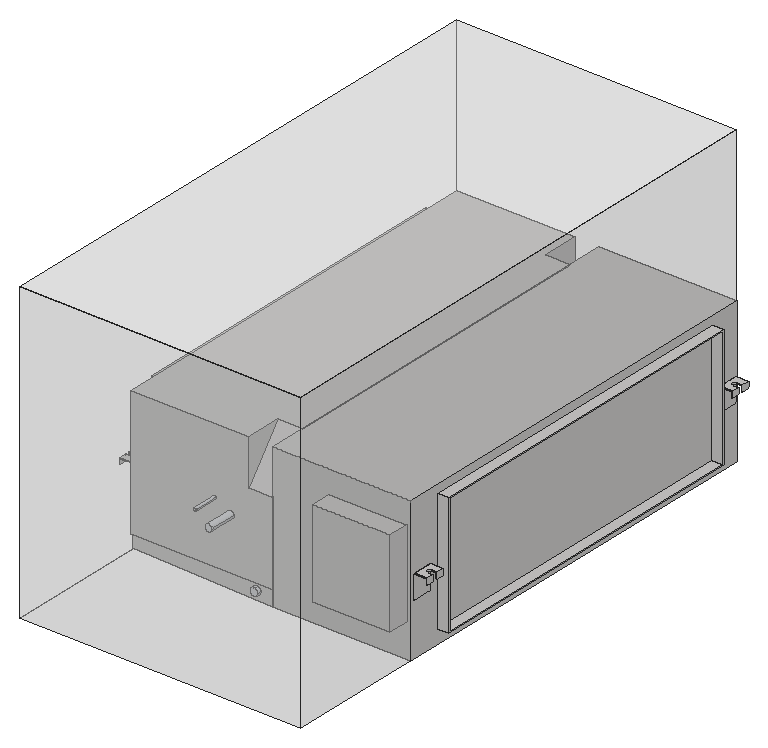
Revit family "outputfile", category 機械設備, Revit 2024
Family settings
  丸型コネクタ寸法 = 半径を使用
  パーツ タイプ = 標準
  OmniClass 番号 = 23.75.10.24.21.27.27
  OmniClass タイトル = Split System Air Conditioning Units
  作業面ベース = いいえ
  常に垂直 = はい
  ロード時にボイドで切り取り = いいえ
  注釈の向きを維持 = いいえ
  共有 = いいえ
  部屋計算ポイント = はい
Parameters (values of type "FXMQ250PV1A")
  Description = ""
  製造元 = "Daikin"
  書き出し IFC クラス(タイプ) = "IfcUnitaryEquipmentType"
  定義済み IFC タイプ(タイプ) = "AIRCONDITIONINGUNIT"
  Cost = 0
  モデル = "FXMQ250PV1A"
  Type Comments = ""
  Keynote = ""
  Type Image = (empty or 0)
  Assembly Code = ""
  lw_suctionflange = 1122.0 mm
  r_Liquid Pipe Size = Liquid Pipe Size / 2  # 4.75 mm
  r_Gas Pipe Size = Gas Pipe Size / 2  # 11.1 mm
  r_Drain Pipe Size = Drain Pipe Size / 2  # 12.5 mm
  lw_power = 230.0 mm  # constant formula
  lw_dischargeflange = 58.0 mm  # constant formula
  lh_power = 394.0 mm  # constant formula
  lh_mountinghole1 = lh_mountinghole + [h***]  # 254.0 mm
  lh_dischargeflange = 110.0 mm  # constant formula
  ld_power = 33.5 mm  # constant formula
  ld_dischargeflange = 70.0 mm  # constant formula
  Voltage_comment_50Hz = "220-240"
  Voltage_50Hz = 220 V
  URL = ""
  Supply Air Direction [instance] = yes
  Sound Power Level_H speed (dB) = 0
  Phase_50Hz = 1
  Minimum External Static Pressure = 0.00 Pa
  Minimum Circuit Amps_50Hz = 8.8 A
  Maximum Fuse Amps_50Hz = 15.0 A
  Maximum External Static Pressure = 250.00 Pa
  Material_Casing = DAIKIN_GalvanizedSteel_Casing_indoorunit
  lw_mountinghole = 972.0 mm  # constant formula
  lh_gaspipe = 221.5 mm  # constant formula
  lh_mountinghole = 254.0 mm  # constant formula
  lh_liquidpipe = 254.0 mm  # constant formula
  lh_drainpipe = 30.0 mm  # constant formula
  lh_antena = Height - lh_mountinghole + 1.0 mm  # 217.0 mm
  ld_drainpipe = 10.0 mm  # constant formula
  ld_liquidpipe = 79.0 mm  # constant formula
  ld_gaspipe = 89.0 mm  # constant formula
  ld_mountinghole = 1248.0 mm
  h*** = 0.0 mm  # constant formula
  lw_liquidpipe = 275.0 mm  # constant formula
  lw_gaspipe = 327.5 mm  # constant formula
  lw_drainpipe = 413.5 mm  # constant formula
  Width = 918.5 mm
  Version = "ver.1.0"
  Unit Type = "High Static Pressure Duct Type"
  Unit Mass Weight = 79.00 kg
  Unit Designation [instance] = ""
  Uniclass2015Version = "Products v1.30"
  Uniclass2015Title = "Variable refrigerant flow units"
  Uniclass2015Code = "Pr_70_65_03_94"
  Total Heating Capacity [instance] = 0.000 kW
  Total Cooling Capacity [instance] = 0.000 kW
  Sound Pressure Level_M speed (dBA) = 0
  Sound Pressure Level_L speed (dBA) = 39
  Sound Pressure Level_H speed (dBA) = 46
  Series = "VRV Fan Coil Unit"
  Sensible Cooling Capacity [instance] = 0.000 kW
  SA Duct Size Width = 1118.0 mm
  SA Duct Size Height = 350.0 mm
  Refrigerant Type = "R410A"
  RA Duct Size Width = 1118.0 mm
  RA Duct Size Height = 392.5 mm
  Power Input (Heating) = 0.810 kW
  Power Input (Cooling) = 0.810 kW
  Option Accessory 3 [instance] = ""
  Option Accessory 2 [instance] = ""
  Option Accessory 1 [instance] = ""
  Nominal Heating Capacity = 31.500 kW
  Nominal Cooling Capacity = 28.000 kW
  Minimum Airflow = 0.00 m³/h
  Median Airflow = 0.00 m³/h
  Maximum Airflow = 5040.00 m³/h
  Load Classification = HVAC
  Liquid Pipe Size = 9.5 mm
  Link_Nested Family [instance] = ""
  IfcVersion = "0"
  IfcExportType = "AIRCONDITIONINGUNIT"
  IfcExportAs = "IfcUnitaryEquipmentType"
  Height = 470.0 mm
  Heating Entering Wet Bulb Temperature [instance] = 0.00 °C
  Heating Entering Dry Bulb Temperature [instance] = 0.00 °C
  Heating Ambient Wet Bulb Temperature [instance] = 0.00 °C
  Heating Ambient Dry Bulb Temperature [instance] = 0.00 °C
  Heat Exchanger Type = "Cross Fin Coil"
  Gas Pipe Size = 22.2 mm
  Frequency_50Hz = 50 Hz
  Fan Type = "Sirocco Fan"
  Fan Drive = "Direct Drive"
  FCU Tag No. [instance] = ""
  Drain Pipe Size = 25.0 mm
  Design Supply Airflow [instance] = 0.00 m³/h
  Design Return Airflow [instance] = 0.00 m³/h
  Design External Static Pressure [instance] = 0.00 Pa
  Depth = 1333.0 mm
  既定の高さ = 0.0 mm
  Cooling Entering Wet Bulb Temperature [instance] = 0.00 °C
  Cooling Entering Dry Bulb Temperature [instance] = 0.00 °C
  Cooling Ambient Wet Bulb Temperature [instance] = 0.00 °C
  Cooling Ambient Dry Bulb Temperature [instance] = 0.00 °C
  Clearance visibility [instance] = yes
  Clearance Top = 500.0 mm
  Clearance Right = 0.0 mm
  Clearance Rear = 0.0 mm
  Clearance Left = 0.0 mm
  Clearance Front = 450.0 mm
  Clearance Bottom = 0.0 mm
Reference planes
  plane 1 "Center (Front/Back)": y = 0
  plane 2 "h": z = 0
  plane 3 "Center (Left/Right)": x = 0
  plane 4 "Back": y = 666.5
  plane 5 "Front": y = -666.5
  plane 6 "Left": x = -459.25
  plane 7 "Reight": x = 459.25
  plane 8 "Top": z = 0
  plane 9 "Bottom": z = -470
  plane 10 "lh_mountinghole": z = -216
  plane 11 "ld_mountinghole1": y = 624
  plane 12: y = 666.5
  plane 13: y = -1116.5
  plane 14: x = -459.25
  plane 15: x = 459.25
  plane 16: z = 500
  plane 17: z = -470
  plane 18: z = -76
  plane 19: x = 7.75
  plane 20: z = -420
  plane 21 "ld_gaspipe": y = -755.5
  plane 22 "ld_liquidpipe": y = -745.5
  plane 23 "lw_liquidpipe": x = -184.25
  plane 24 "lw_gaspipe": x = -131.75
  plane 25 "lh_gaspipe": z = -248.5
  plane 26 "lh_liquidpipe": z = -216
  plane 27 "ld_drainpipe": y = -676.5
  plane 28 "lw_drainpipe": x = -45.75
  plane 29 "lh_drainpipe": z = -440
  plane 30 "ld_mountinghole2": y = -624
  plane 31: x = -486
  plane 32: x = 486
  plane 33: x = 256
  plane 34: y = -700
  plane 35 "lh_power": z = -76
  plane 36 "ld_suctionflange": y = 29.5
  plane 37 "lh_suctionflange": z = -208
  plane 38: y = -733.5
  plane 39: z = -222.75
  plane 40: x = -72.25
Forms (mm)
  Extrusion 1, solid, material "DAIKIN_GalvanizedSteel_Casing_indoorunit" <- "Material_Casing"
    sketch origin (0, 0, 0) x (1, 0, 0) y (0, 1, 0)
      loop
        line (7.75, 666.5) -> (7.75, -666.5) -> (459.25, -666.5) -> (459.25, 666.5) -> (7.75, 666.5)
    from -470 to 0
  Extrusion 2, solid, material "DAIKIN_GalvanizedSteel_Casing_indoorunit" <- "Material_Casing"
    sketch origin (0, 0, 0) x (1, 0, 0) y (0, 1, 0)
      loop
        line (-459.25, 666.5) -> (-459.25, -666.5) -> (7.75, -666.5) -> (7.75, 666.5) -> (-459.25, 666.5)
    from -420 to 0
  Extrusion 3, solid, material "DAIKIN_GalvanizedSteel_Casing_indoorunit" <- "Material_Casing"
    sketch origin (0, 0, 0) x (1, 0, 0) y (0, 0, 1)
      loop
        line (7.75, -470) -> (7.75, -420) -> (-451.25, -420) -> (-451.25, -457) -> (7.75, -470)
    from -666.5 to 666.5
  Extrusion 4, solid
    sketch origin (0, 0, 0) x (1, 0, 0) y (0, 0, 1)
      loop
        circle (-45.75, -440) r 12.5
    from 666.5 to 676.5
  Extrusion 5, solid, material "DAIKIN_GalvanizedSteel_Casing_indoorunit" <- "Material_Casing"
    sketch origin (0, 0, 0) x (1, 0, 0) y (0, 0, 1)
      loop
        line (190.25, -76) -> (190.25, -361) -> (444.25, -361) -> (444.25, -76) -> (190.25, -76)
    from 733.5 to 666.5
  Extrusion 6, solid
    sketch origin (0, 0, 0) x (1, 0, 0) y (0, 0, 1)
      loop
        circle (-184.25, -216) r 4.75
    from 666.5 to 745.5
  Extrusion 7, solid
    sketch origin (0, 0, 0) x (1, 0, 0) y (0, 0, 1)
      loop
        circle (-131.75, -248.5) r 11.1
    from 666.5 to 755.5
  Extrusion 8, void
    sketch origin (0, 0, 0) x (0, 1, 0) y (0, 0, 1)
      loop
        line (-666.5, 0) -> (-666.5, -150) -> (-546.5, 0) -> (-666.5, 0)
      loop
        line (666.5, 0) -> (546.5, 0) -> (666.5, -150) -> (666.5, 0)
    from -72.25 to 7.75
Cuts and joins
  Extrusion 8 cuts Extrusion 1
  Extrusion 8 cuts Extrusion 2
  Extrusion 8 cuts Extrusion 5
Dimensions and locks
  "Height": plane 8 "Top" to plane 9 "Bottom"
  equal spacing: plane 4 "Back", plane 1 "Center (Front/Back)", plane 5 "Front"
  "Depth": plane 4 "Back" to plane 5 "Front"
  equal spacing: plane 6 "Left", plane 3 "Center (Left/Right)", plane 7 "Reight"
  "Width": plane 6 "Left" to plane 7 "Reight"
  "Clearance Left": plane 14 to plane 6 "Left"
  "Clearance Right": plane 7 "Reight" to plane 15
  "Clearance Rear": plane 12 to plane 4 "Back"
  "Clearance Front": plane 5 "Front" to plane 13
  "Clearance Top": plane 16 to plane 8 "Top"
  "Clearance Bottom": plane 9 "Bottom" to plane 17
  "lh_mountinghole": plane 10 "lh_mountinghole" to plane 9 "Bottom"
  "lh_power": plane 18 to plane 9 "Bottom"
  locked: plane 19 to plane 7 "Reight" at 451.5
  locked: plane 8 "Top" to plane 20 at 420
  locked: Extrusion 3 sketch curve to plane 6 "Left" at 8
  locked: plane 20 to Extrusion 3 sketch curve at 37
  "lh_drainpipe": Extrusion 4 sketch curve to plane 9 "Bottom"
  "lw_drainpipe": Extrusion 4 sketch curve to plane 6 "Left"
  "lw_liquidpipe": Extrusion 6 sketch curve to plane 6 "Left"
  "lw_gaspipe": Extrusion 7 sketch curve to plane 6 "Left"
  locked: Extrusion 5 sketch curve to Extrusion 5 sketch curve at 254
  locked: Extrusion 5 sketch curve to Extrusion 5 sketch curve at 285
  locked: Extrusion 5 sketch curve to plane 7 "Reight" at 15
  locked: Extrusion 5 sketch curve to plane 9 "Bottom" at 109
  "ld_gaspipe": plane 5 "Front" to plane 21 "ld_gaspipe"
  "ld_liquidpipe": plane 5 "Front" to plane 22 "ld_liquidpipe"
  "lw_liquidpipe": plane 6 "Left" to plane 23 "lw_liquidpipe"
  "lw_gaspipe": plane 6 "Left" to plane 24 "lw_gaspipe"
  "lh_gaspipe": plane 25 "lh_gaspipe" to plane 9 "Bottom"
  "lh_liquidpipe": plane 26 "lh_liquidpipe" to plane 9 "Bottom"
  "lh_gaspipe": Extrusion 7 sketch curve to plane 9 "Bottom"
  "lh_liquidpipe": Extrusion 6 sketch curve to plane 9 "Bottom"
  "ld_drainpipe": plane 5 "Front" to plane 27 "ld_drainpipe"
  "lw_drainpipe": plane 6 "Left" to plane 28 "lw_drainpipe"
  "lh_drainpipe": plane 29 "lh_drainpipe" to plane 9 "Bottom"
  equal spacing: plane 30 "ld_mountinghole2", plane 1 "Center (Front/Back)", plane 11 "ld_mountinghole1"
  "ld_mountinghole": plane 30 "ld_mountinghole2" to plane 11 "ld_mountinghole1"
  equal spacing: plane 31, plane 3 "Center (Left/Right)", plane 32
  "lw_mountinghole": plane 31 to plane 32
  "lw_power": plane 33 to plane 32
  "ld_power": plane 5 "Front" to plane 34
  "lh_power": plane 35 "lh_power" to plane 9 "Bottom"
  locked: plane 36 "ld_suctionflange" to plane 1 "Center (Front/Back)" at 29.5
  locked: plane 37 "lh_suctionflange" to plane 9 "Bottom" at 262
  locked: plane 5 "Front" to plane 38 at 67
  locked: plane 39 to plane 9 "Bottom" at 247.25
  locked: Extrusion 8 sketch curve to Extrusion 8 sketch curve at 120  (x2)
  locked: Extrusion 8 sketch curve to Extrusion 8 sketch curve at 150  (x2)
  locked: plane 40 to plane 19 at 80
  "r_Gas Pipe Size": radius of Extrusion 7 sketch curve
  "r_Liquid Pipe Size": radius of Extrusion 6 sketch curve
  "r_Drain Pipe Size": radius of Extrusion 4 sketch curve
  aligned and locked: level to plane 2 "h"
  aligned and locked: plane 8 "Top" to Extrusion 1
  aligned and locked: Extrusion 1 to plane 9 "Bottom"
  aligned and locked: nested 1 to plane 7 "Reight"
  aligned and locked: plane 7 "Reight" to nested 1
  aligned and locked: plane 11 "ld_mountinghole1" to nested 2
  aligned and locked: plane 7 "Reight" to nested 2
  aligned and locked: nested 4 to plane 13
  aligned and locked: plane 14 to nested 4
  aligned and locked: plane 15 to nested 4
  aligned and locked: nested 4 to plane 14
  aligned and locked: plane 12 to nested 4
  aligned and locked: plane 16 to nested 4
  aligned and locked: plane 17 to nested 4
  aligned and locked: plane 10 "lh_mountinghole" to nested 1
  aligned and locked: plane 10 "lh_mountinghole" to nested 2
  aligned and locked: Extrusion 1 to plane 19
  aligned and locked: Extrusion 2 sketch curve to plane 4 "Back"
  aligned and locked: Extrusion 2 sketch curve to plane 19
  aligned and locked: plane 6 "Left" to Extrusion 2 sketch curve
  aligned and locked: plane 5 "Front" to Extrusion 2 sketch curve
  aligned and locked: plane 8 "Top" to Extrusion 2
  aligned and locked: Extrusion 2 to plane 20
  aligned and locked: Extrusion 3 sketch curve to plane 20
  aligned and locked: plane 19 to Extrusion 3 sketch curve
  aligned and locked: plane 5 "Front" to Extrusion 3
  aligned and locked: Extrusion 3 to plane 4 "Back"
  aligned and locked: plane 9 "Bottom" to Extrusion 3 sketch curve
  aligned and locked: Extrusion 4 to plane 5 "Front"
  aligned and locked: plane 5 "Front" to Extrusion 6
  aligned and locked: plane 5 "Front" to Extrusion 7
  aligned and locked: Extrusion 7 to plane 21 "ld_gaspipe"
  aligned and locked: Extrusion 6 to plane 22 "ld_liquidpipe"
  aligned and locked: Extrusion 4 to plane 27 "ld_drainpipe"
  aligned and locked: nested 1 to plane 30 "ld_mountinghole2"
  aligned and locked: plane 11 "ld_mountinghole1" to nested 10
  aligned and locked: plane 31 to nested 10
  aligned and locked: nested 6 to plane 30 "ld_mountinghole2"
  aligned and locked: plane 31 to nested 6
  aligned and locked: nested 5 to plane 32
  aligned and locked: nested 5 to plane 30 "ld_mountinghole2"
  aligned and locked: plane 11 "ld_mountinghole1" to nested 11
  aligned and locked: nested 11 to plane 32
  aligned and locked: plane 26 "lh_liquidpipe" to nested 8
  aligned and locked: plane 29 "lh_drainpipe" to nested 9
  aligned and locked: plane 5 "Front" to nested 9
  aligned and locked: plane 25 "lh_gaspipe" to nested 7
  aligned and locked: nested 7 to plane 5 "Front"
  aligned and locked: plane 30 "ld_mountinghole2" to nested 13
  aligned and locked: nested 13 to plane 6 "Left"
  aligned and locked: plane 26 "lh_liquidpipe" to nested 13
  aligned and locked: plane 6 "Left" to nested 14
  aligned and locked: nested 14 to plane 11 "ld_mountinghole1"
  aligned and locked: nested 15 to plane 36 "ld_suctionflange"
  aligned and locked: nested 15 to plane 6 "Left"
  aligned and locked: plane 37 "lh_suctionflange" to nested 15
  aligned and locked: plane 26 "lh_liquidpipe" to nested 14
  aligned and locked: nested 16 to plane 7 "Reight"
  aligned and locked: nested 16 to plane 1 "Center (Front/Back)"
  aligned and locked: Extrusion 5 to plane 38
  aligned and locked: plane 5 "Front" to Extrusion 5
  aligned and locked: plane 33 to nested 12
  aligned and locked: plane 34 to nested 12
  aligned and locked: nested 12 to plane 35 "lh_power"
  aligned and locked: nested 8 to plane 5 "Front"
  aligned and locked: nested 16 to plane 39
  aligned and locked: nested 3 to plane 3 "Center (Left/Right)"
  aligned and locked: plane 1 "Center (Front/Back)" to nested 3
  aligned and locked: Extrusion 8 sketch curve to plane 5 "Front"
  aligned and locked: Extrusion 8 sketch curve to plane 8 "Top"
  aligned and locked: plane 8 "Top" to Extrusion 8 sketch curve
  aligned and locked: Extrusion 8 sketch curve to plane 4 "Back"
  aligned and locked: cut or joined group of Extrusion 2, Extrusion 8 to plane 40
  aligned and locked: plane 19 to cut or joined group of Extrusion 1, Extrusion 8
  aligned and locked: plane 40 to cut or joined group of Extrusion 2, Extrusion 8
  aligned and locked: cut or joined group of Extrusion 2, Extrusion 8 to plane 19
  aligned and locked: level to plane 8 "Top"
Automatic sketch dimensions
  Extrusion 1 sketch curve to plane 5 "Front" = 0.0 mm
  Extrusion 1 sketch curve to plane 19 = 0.0 mm
  Extrusion 1 sketch curve to plane 7 "Reight" = 0.0 mm
  Extrusion 1 sketch curve to plane 4 "Back" = 0.0 mm
Nested families
  nested 1: "daikin_hangerfixture_FXMQ-PV1A" at (459.25, -624, -216), type "daikin_hangerfixture_FXMQ-PV1A"
  nested 2: "daikin_hangerfixture_FXMQ-PV1A" at (459.25, 624, -216), type "daikin_hangerfixture_FXMQ-PV1A"
  nested 3: "daikin_△_symbolicline" at (0, 0, 470) x (0, -1, 0) z (0, 0, 1), built-in parameter 1001364 <- "Height", visible <- "Supply Air Direction", type "daikin_△_symbolicline"
    with length 300.0 mm
  nested 4: "daikin_clearancespace" at (0, -225, 15.119), visible <- "Clearance visibility", show <- "Clearance visibility", Link_Nested Family <- "Link_Nested Family", type "daikin_clearancespace"
    with width 918.5 mm, show yes, height 970.0 mm, depth 1783.0 mm, Link_Nested Family ""
  nested 5: "daikin_mountinghole" at (486, -624, -470), l_antenna <- "lh_antena", Link_Nested Family <- "Link_Nested Family", h_mountinghole <- "lh_mountinghole1", type "daikin_mountinghole"
    with show yes, l_antenna 217.0 mm, h_mountinghole 254.0 mm, Link_Nested Family ""
  nested 6: "daikin_mountinghole" at (-486, -624, -470), l_antenna <- "lh_antena", Link_Nested Family <- "Link_Nested Family", h_mountinghole <- "lh_mountinghole1", type "daikin_mountinghole"
    with show yes, l_antenna 217.0 mm, h_mountinghole 254.0 mm, Link_Nested Family ""
  nested 7: "daikin_connector_rotate2" at (-131.75, -666.5, -248.5), length <- "ld_gaspipe", radius <- "r_Gas Pipe Size", type "daikin_connector_rotate2"
    with radius 11.1 mm, length 89.0 mm, angle_vertical 90.00°, show_face no
  nested 8: "daikin_connector_rotate2" at (-184.25, -666.5, -216), radius <- "r_Liquid Pipe Size", length <- "ld_liquidpipe", type "daikin_connector_rotate2"
    with radius 4.75 mm, length 79.0 mm, angle_vertical 90.00°, show_face no
  nested 9: "daikin_connector_rotate2" at (-45.75, -666.5, -440), length <- "ld_drainpipe", radius <- "r_Drain Pipe Size", type "daikin_connector_rotate2"
    with radius 12.5 mm, length 10.0 mm, angle_vertical 90.00°, show_face no
  nested 10: "daikin_mountinghole" at (-486, 624, -470), h_mountinghole <- "lh_mountinghole1", l_antenna <- "lh_antena", Link_Nested Family <- "Link_Nested Family", type "daikin_mountinghole"
    with show yes, l_antenna 217.0 mm, h_mountinghole 254.0 mm, Link_Nested Family ""
  nested 11: "daikin_mountinghole" at (486, 624, -470), l_antenna <- "lh_antena", Link_Nested Family <- "Link_Nested Family", h_mountinghole <- "lh_mountinghole1", type "daikin_mountinghole"
    with show yes, l_antenna 217.0 mm, h_mountinghole 254.0 mm, Link_Nested Family ""
  nested 12: "daikin_connector_rotate2" at (256, -700, -76) x (1, 0, 0) z (0, -1, 0), type "daikin_connector_rotate2"
    with radius 10.0 mm, length 285.0 mm, angle_vertical 90.00°, show_face no
  nested 13: "daikin_hangerfixture_FXMQ-PV1A2" at (-459.25, -624, -216) x (-1, 0, 0) z (0, 0, 1), type "daikin_hangerfixture_FXMQ-PV1A2"
  nested 14: "daikin_hangerfixture_FXMQ-PV1A2" at (-459.25, 624, -216) x (-1, 0, 0) z (0, 0, 1), type "daikin_hangerfixture_FXMQ-PV1A2"
  nested 15: "daikin_ductflange_FXMQ-PV1A" at (-459.25, 29.5, -385) x (0, -1, 0) z (0, 0, 1), width <- "lw_suctionflange", material <- "Material_Casing", type "daikin_ductflange_FXMQ-PV1A"
    with width 1122.0 mm, material DAIKIN_GalvanizedSteel_Casing_indoorunit, height 354.0 mm, depth 39.25 mm
  nested 16: "daikin_ductflange_FXMQ-PV1A" at (459.25, 0, -421) x (0, -1, 0) z (0, 0, 1), width <- "lw_suctionflange", material <- "Material_Casing", type "daikin_ductflange_FXMQ-PV1A"
    with width 1122.0 mm, material DAIKIN_GalvanizedSteel_Casing_indoorunit, height 396.5 mm, depth 39.25 mm
Connectors
  piping at (-131.75, -755.5, -248.5), diameter 22.2, driven by "r_Gas Pipe Size"
    settings: on nested 7, index 1, connector inside diameter 609.6 mm, connector length 0.0 mm, flow factor 0, pipe flow 0.00 m³/h, pressure drop 0.0 Pa, fitting loss kfactor 0, connector angle 0.00°, fixture units 0, engagement length 0.0 mm, angle of deflection 0.00°, flow configuration 1, flow direction 2, fitting loss method 0, system type 29, joint type 0, gender type 0, connector reference index -1, connector utility 0, adjustable connector no, is connector primary yes, connector description "Refrigerant Gas Piping"
  piping at (-184.25, -745.5, -216), diameter 9.5, driven by "r_Liquid Pipe Size"
    settings: on nested 8, index 2, connector inside diameter 609.6 mm, connector length 0.0 mm, flow factor 0, pipe flow 0.00 m³/h, pressure drop 0.0 Pa, fitting loss kfactor 0, connector angle 0.00°, fixture units 0, engagement length 0.0 mm, angle of deflection 0.00°, flow configuration 1, flow direction 1, fitting loss method 0, system type 29, joint type 0, gender type 0, connector reference index -1, connector utility 0, adjustable connector no, is connector primary no, connector description "Refrigerant Liquid Piping"
  piping at (-45.75, -676.5, -440), diameter 25, driven by "r_Drain Pipe Size"
    settings: on nested 9, index 3, connector inside diameter 609.6 mm, connector length 0.0 mm, flow factor 0, pipe flow 0.00 m³/h, pressure drop 0.0 Pa, fitting loss kfactor 0, connector angle 0.00°, fixture units 0, engagement length 0.0 mm, angle of deflection 0.00°, flow configuration 1, flow direction 2, fitting loss method 4, system type 16, joint type 0, gender type 0, connector reference index -1, connector utility 0, adjustable connector no, is connector primary no, connector description "Condensate Drain Piping"
  electrical at (256, -700, -361), driven by "Load Classification"
    settings: on nested 12, index 4, voltage 0 V, apparent load 0 VA, apparent load phase1 0 VA, apparent load phase2 0 VA, apparent load phase3 0 VA, power factor 1, load classification "HVAC", number of poles 1, system type 30, power factor state 1, is connector primary yes, connector utility no, sub classification motor no, connector description "Power Supply"
  hvac at (-498.5, 29.5, -208), driven by "SA Duct Size Height", driven by "SA Duct Size Width"
    settings: on nested 15, index 5, duct flow 0.00 m³/h, flow factor 0, pres drop 0.00 Pa, loss coef 0, conn angle 0.00°, conn width 1118.0 mm, conn height 350.0 mm, conn diameter 609.6 mm, duct sys type 1, conn prof type 1, flow config 0, flow direction 2, loss method 4, conn ref index -1, conn util no, is conn primary yes, conn desc "SA Duct"
  hvac at (498.5, 0, -222.75), driven by "RA Duct Size Height", driven by "RA Duct Size Width"
    settings: on nested 16, index 6, duct flow 0.00 m³/h, flow factor 0, pres drop 0.00 Pa, loss coef 0, conn angle 0.00°, conn width 1118.0 mm, conn height 392.5 mm, conn diameter 609.6 mm, duct sys type 2, conn prof type 1, flow config 0, flow direction 1, loss method 4, conn ref index -1, conn util no, is conn primary no, conn desc "RA Duct"
Definition of nested family "daikin_hangerfixture_FXMQ-PV1A"
  Parameters (values of type "daikin_hangerfixture_FXDSQ-AVM")
    width = 44.0 mm
    material = none
    height = 80.0 mm
    depth = 65.0 mm
    Default Elevation = 0.0 mm
  Reference planes
    plane 1 "Center (Front/Back)": y = 0
    plane 2: z = 0
    plane 3 "Center (Left/Right)": x = 0
    plane 4: y = 417.146
    plane 5: z = -2
    plane 6: z = -65
    plane 7: z = -12
    plane 8: x = 44
    plane 9: y = 32.5
    plane 10: y = -32.5
    plane 11: y = -36
    plane 12: y = 36
    plane 13: z = -80
    plane 14: x = 1.5
    plane 15: x = 14
    plane 16: x = 26
    plane 17: x = 42
  Forms (mm)
    Extrusion 1, solid, material <- "material"
      sketch origin (0, 0, 0) x (1, 0, 0) y (0, 1, 0)
        loop
          line (0, 32.5) -> (0, -32.5) -> (44, -32.5) -> (44, -7.5) -> (26.75, -7.5)
          arc (26.75, -7.5) -> (19.25, 0) -> (26.75, 7.5) r 7.5
          line (26.75, 7.5) -> (44, 7.5) -> (44, 32.5) -> (0, 32.5)
      from -2 to 0
    Extrusion 2, solid, material <- "material"
      sketch origin (0, 0, 0) x (0, 1, 0) y (0, 0, 1)
        loop
          line (32.5, -75.411) -> (32.5, 0) -> (-32.5, 0) -> (-32.5, -75.411)
          arc (-32.5, -75.411) -> (-31.156, -78.656) -> (-27.911, -80) r 4.589
          line (-27.911, -80) -> (27.911, -80)
          arc (27.911, -80) -> (31.156, -78.656) -> (32.5, -75.411) r 4.589
      from 0 to 1.5
    Extrusion 3, solid, material <- "material"
      sketch origin (0, 0, 0) x (0, 1, 0) y (0, 0, 1)
        loop
          line (-7.5, -17.007) -> (-7.5, 0) -> (-32.5, 0) -> (-32.5, -17.007)
          arc (-32.5, -17.007) -> (-31.623, -19.123) -> (-29.507, -20) r 2.993
          line (-29.507, -20) -> (-10.493, -20)
          arc (-10.493, -20) -> (-8.377, -19.123) -> (-7.5, -17.007) r 2.993
        loop
          arc (7.5, -17.007) -> (8.377, -19.123) -> (10.493, -20) r 2.993
          line (10.493, -20) -> (29.507, -20)
          arc (29.507, -20) -> (31.623, -19.123) -> (32.5, -17.007) r 2.993
          line (32.5, -17.007) -> (32.5, 0) -> (7.5, 0) -> (7.5, -17.007)
      from 44 to 42
  Cuts and joins
    joined: Extrusion 1, Extrusion 2, Extrusion 3
  Dimensions and locks
    "width": plane 3 "Center (Left/Right)" to plane 8
    "depth": plane 10 to plane 9
    equal spacing: plane 10, plane 1 "Center (Front/Back)", plane 9
    locked: plane 11 to plane 10 at 3.5
    locked: plane 9 to plane 12 at 3.5
    "height": level to plane 13
    locked: plane 14 to plane 3 "Center (Left/Right)" at 1.5
    plane 3 "Center (Left/Right)" to plane 15 = 14.0 mm
    locked: plane 15 to plane 16 at 12
    plane 3 "Center (Left/Right)" to Extrusion 1 = 44.0 mm
    locked: plane 2 to plane 5 at 2
    locked: plane 8 to plane 17 at 2
    aligned and locked: level to plane 2
    aligned and locked: level to Extrusion 1
    aligned and locked: Extrusion 1 to plane 5
    aligned and locked: Extrusion 1 sketch curve to plane 3 "Center (Left/Right)"
    aligned and locked: Extrusion 1 sketch curve to plane 8  (x2)
    aligned and locked: level to Extrusion 2 sketch curve
    aligned and locked: plane 14 to Extrusion 2
    aligned and locked: Extrusion 3 sketch curve to level
    aligned and locked: level to Extrusion 3 sketch curve
    aligned and locked: plane 9 to Extrusion 1 sketch curve
    aligned and locked: Extrusion 1 sketch curve to plane 10
    aligned and locked: plane 13 to Extrusion 2 sketch curve
    aligned and locked: plane 8 to cut or joined group of Extrusion 1, Extrusion 2, Extrusion 3
    aligned and locked: cut or joined group of Extrusion 1, Extrusion 2, Extrusion 3 to plane 17
  Automatic sketch dimensions
    plane 9 to Extrusion 2 sketch curve = 4.589 mm
    Extrusion 2 sketch curve to plane 10 = 4.589 mm
    Extrusion 2 sketch curve to Extrusion 2 sketch curve = 4.589 mm
    Extrusion 2 sketch curve to plane 9 = 0.0 mm
    plane 10 to Extrusion 3 sketch curve = 0.0 mm
    Extrusion 3 sketch curve to plane 7 = 8.0 mm  (x2)
    Extrusion 3 sketch curve to plane 10 = 2.993 mm
    Extrusion 3 sketch curve to plane 7 = 5.007 mm  (x2)
    plane 1 "Center (Front/Back)" to Extrusion 3 sketch curve = 10.493 mm
    Extrusion 3 sketch curve to plane 1 "Center (Front/Back)" = 7.5 mm
    plane 9 to Extrusion 3 sketch curve = 2.993 mm
    Extrusion 3 sketch curve to plane 9 = 0.0 mm
    plane 1 "Center (Front/Back)" to Extrusion 1 sketch curve = 0.0 mm
    plane 16 to Extrusion 1 sketch curve = 0.75 mm
    Extrusion 1 sketch curve to plane 1 "Center (Front/Back)" = 7.5 mm
Definition of nested family "daikin_clearancespace"
  Parameters (values of type "daikin_clearancespace")
    width [instance] = 1823.963 mm
    show [instance] = yes
    material = none
    height [instance] = 1359.762 mm
    depth [instance] = 880.0 mm
    Default Elevation = 0.0 mm
    Link_Nested Family [instance] = ""
  Reference planes
    plane 1 "Center (Front/Back)": y = 0
    plane 2 "Center (Elevation)": z = -0.119
    plane 3 "Center (Left/Right)": x = 0
    plane 4: y = 440
    plane 5: y = -440
    plane 6 "Right": x = 911.982
    plane 7 "Left": x = -911.982
    plane 8 "Top": z = 679.762
    plane 9 "Bottom": z = -680
  Forms (mm)
    Extrusion 1, solid, material <- "material", visible <- "show"
      sketch origin (0, 0, 0) x (1, 0, 0) y (0, 1, 0)
        loop
          line (-911.982, 440) -> (-911.982, -440) -> (911.982, -440) -> (911.982, 440) -> (-911.982, 440)
      from -680 to 679.762
  Lines and regions (mm)
    symbolic lines, visible <- "show"
      curve 1: line (911.982, 440, 0) -> (-911.982, 440, 0)
      curve 2: line (-911.982, 440, 0) -> (-911.982, -440, 0)
      curve 3: line (-911.982, -440, 0) -> (911.982, -440, 0)
      curve 4: line (911.982, -440, 0) -> (911.982, 440, 0)
      curve 5: line (911.982, 0, 679.762) -> (-911.982, 0, 679.762)
      curve 6: line (911.982, 0, -680) -> (911.982, 0, 679.762)
      curve 7: line (-911.982, 0, -680) -> (911.982, 0, -680)
      curve 8: line (-911.982, 0, 679.762) -> (-911.982, 0, -680)
      curve 9: line (0, 440, 679.762) -> (0, -440, 679.762)
      curve 10: line (0, -440, 679.762) -> (0, -440, -680)
      curve 11: line (0, 440, -680) -> (0, 440, 679.762)
      curve 12: line (0, -440, -680) -> (0, 440, -680)
  Dimensions and locks
    "width": plane 7 "Left" to plane 6 "Right"
    "depth": plane 4 to plane 5
    "height": plane 8 "Top" to plane 9 "Bottom"
    equal spacing: plane 7 "Left", plane 3 "Center (Left/Right)", plane 6 "Right"
    equal spacing: plane 4, plane 1 "Center (Front/Back)", plane 5
    equal spacing: plane 8 "Top", plane 2 "Center (Elevation)", plane 9 "Bottom"
    aligned and locked: level to plane 2 "Center (Elevation)"
    aligned and locked: Extrusion 1 sketch curve to plane 4
    aligned and locked: plane 7 "Left" to Extrusion 1 sketch curve
    aligned and locked: Extrusion 1 sketch curve to plane 5
    aligned and locked: Extrusion 1 sketch curve to plane 6 "Right"
    aligned and locked: plane 8 "Top" to Extrusion 1
    aligned and locked: curve 1 to Extrusion 1
    aligned and locked: curve 2 to Extrusion 1
    aligned and locked: curve 3 to Extrusion 1
    aligned and locked: curve 4 to Extrusion 1
    aligned and locked: curve 5 to Extrusion 1
    aligned and locked: curve 6 to Extrusion 1
    aligned and locked: curve 7 to Extrusion 1
    aligned and locked: curve 8 to Extrusion 1
    aligned and locked: curve 9 to Extrusion 1
    aligned and locked: curve 10 to Extrusion 1
    aligned and locked: curve 11 to Extrusion 1
    aligned and locked: curve 12 to Extrusion 1
    aligned and locked: Extrusion 1 to plane 9 "Bottom"
Definition of nested family "daikin_hangerfixture_FXMQ-PV1A2"
  Parameters (values of type "daikin_hangerfixture_FXDSQ-AVM2")
    width = 44.0 mm
    material = none
    height = 204.0 mm
    depth = 65.0 mm
    Default Elevation = 0.0 mm
  Reference planes
    plane 1 "Center (Front/Back)": y = 0
    plane 2: z = 0
    plane 3 "Center (Left/Right)": x = 0
    plane 4: y = 417.146
    plane 5: z = -2
    plane 6: z = -65
    plane 7: z = -12
    plane 8: x = 44
    plane 9: y = 32.5
    plane 10: y = -32.5
    plane 11: y = -36
    plane 12: y = 36
    plane 13: z = -204
    plane 14: x = 1.5
    plane 15: x = 14
    plane 16: x = 26
    plane 17: x = 42
  Forms (mm)
    Extrusion 1, solid, material <- "material"
      sketch origin (0, 0, 0) x (1, 0, 0) y (0, 1, 0)
        loop
          line (0, 32.5) -> (0, -32.5) -> (44, -32.5) -> (44, -7.5) -> (26.75, -7.5)
          arc (26.75, -7.5) -> (19.25, 0) -> (26.75, 7.5) r 7.5
          line (26.75, 7.5) -> (44, 7.5) -> (44, 32.5) -> (0, 32.5)
      from -2 to 0
    Extrusion 2, solid, material <- "material"
      sketch origin (0, 0, 0) x (0, 1, 0) y (0, 0, 1)
        loop
          line (32.5, -199.411) -> (32.5, 0) -> (-32.5, 0) -> (-32.5, -199.411)
          arc (-32.5, -199.411) -> (-31.156, -202.656) -> (-27.911, -204) r 4.589
          line (-27.911, -204) -> (27.911, -204)
          arc (27.911, -204) -> (31.156, -202.656) -> (32.5, -199.411) r 4.589
      from 0 to 1.5
    Extrusion 3, solid, material <- "material"
      sketch origin (0, 0, 0) x (0, 1, 0) y (0, 0, 1)
        loop
          line (-7.5, -17.007) -> (-7.5, 0) -> (-32.5, 0) -> (-32.5, -17.007)
          arc (-32.5, -17.007) -> (-31.623, -19.123) -> (-29.507, -20) r 2.993
          line (-29.507, -20) -> (-10.493, -20)
          arc (-10.493, -20) -> (-8.377, -19.123) -> (-7.5, -17.007) r 2.993
        loop
          arc (7.5, -17.007) -> (8.377, -19.123) -> (10.493, -20) r 2.993
          line (10.493, -20) -> (29.507, -20)
          arc (29.507, -20) -> (31.623, -19.123) -> (32.5, -17.007) r 2.993
          line (32.5, -17.007) -> (32.5, 0) -> (7.5, 0) -> (7.5, -17.007)
      from 44 to 42
  Cuts and joins
    joined: Extrusion 1, Extrusion 2, Extrusion 3
  Dimensions and locks
    "width": plane 3 "Center (Left/Right)" to plane 8
    "depth": plane 10 to plane 9
    equal spacing: plane 10, plane 1 "Center (Front/Back)", plane 9
    locked: plane 11 to plane 10 at 3.5
    locked: plane 9 to plane 12 at 3.5
    "height": level to plane 13
    locked: plane 14 to plane 3 "Center (Left/Right)" at 1.5
    plane 3 "Center (Left/Right)" to plane 15 = 14.0 mm
    locked: plane 15 to plane 16 at 12
    plane 3 "Center (Left/Right)" to Extrusion 1 = 44.0 mm
    locked: plane 2 to plane 5 at 2
    locked: plane 8 to plane 17 at 2
    aligned and locked: level to plane 2
    aligned and locked: level to Extrusion 1
    aligned and locked: Extrusion 1 to plane 5
    aligned and locked: Extrusion 1 sketch curve to plane 3 "Center (Left/Right)"
    aligned and locked: Extrusion 1 sketch curve to plane 8  (x2)
    aligned and locked: level to Extrusion 2 sketch curve
    aligned and locked: plane 14 to Extrusion 2
    aligned and locked: Extrusion 3 sketch curve to level
    aligned and locked: level to Extrusion 3 sketch curve
    aligned and locked: plane 9 to Extrusion 1 sketch curve
    aligned and locked: Extrusion 1 sketch curve to plane 10
    aligned and locked: plane 13 to Extrusion 2 sketch curve
    aligned and locked: plane 8 to cut or joined group of Extrusion 1, Extrusion 2, Extrusion 3
    aligned and locked: cut or joined group of Extrusion 1, Extrusion 2, Extrusion 3 to plane 17
  Automatic sketch dimensions
    plane 9 to Extrusion 2 sketch curve = 4.589 mm
    Extrusion 2 sketch curve to plane 10 = 4.589 mm
    Extrusion 2 sketch curve to Extrusion 2 sketch curve = 4.589 mm
    Extrusion 2 sketch curve to plane 9 = 0.0 mm
    plane 10 to Extrusion 3 sketch curve = 0.0 mm
    Extrusion 3 sketch curve to plane 7 = 8.0 mm  (x2)
    Extrusion 3 sketch curve to plane 10 = 2.993 mm
    Extrusion 3 sketch curve to plane 7 = 5.007 mm  (x2)
    plane 1 "Center (Front/Back)" to Extrusion 3 sketch curve = 10.493 mm
    Extrusion 3 sketch curve to plane 1 "Center (Front/Back)" = 7.5 mm
    plane 9 to Extrusion 3 sketch curve = 2.993 mm
    Extrusion 3 sketch curve to plane 9 = 0.0 mm
    plane 1 "Center (Front/Back)" to Extrusion 1 sketch curve = 0.0 mm
    plane 16 to Extrusion 1 sketch curve = 0.75 mm
    Extrusion 1 sketch curve to plane 1 "Center (Front/Back)" = 7.5 mm
Definition of nested family "daikin_ductflange_FXMQ-PV1A"
  Parameters (values of type "daikin_ductflange_CeilingMountedDuct")
    width [instance] = 922.0 mm
    material [instance] = none
    height [instance] = 354.0 mm
    depth [instance] = 39.3 mm
    Default Elevation = 0.0 mm
  Reference planes
    plane 1 "Center (Front/Back)": y = 0
    plane 2: z = 0
    plane 3 "Center (Left/Right)": x = 0
    plane 4: y = -39.3
    plane 5: x = -461
    plane 6: x = 461
    plane 7 "Top": z = 354
    plane 8 "Center (Elevation)": z = 177
  Forms (mm)
    Extrusion 1, solid, material <- "material"
      sketch origin (0, 0, 0) x (1, 0, 0) y (0, 0, 1)
        loop
          line (-461, 354) -> (-461, 0) -> (461, 0) -> (461, 354) -> (-461, 354)
        loop
          line (-459, 352) -> (-459, 2) -> (459, 2) -> (459, 352) -> (-459, 352)
      from 0 to 39.3
  Dimensions and locks
    "height": plane 7 "Top" to plane 2
    "width": plane 5 to plane 6
    equal spacing: plane 5, plane 3 "Center (Left/Right)", plane 6
    "depth": plane 1 "Center (Front/Back)" to plane 4
    equal spacing: plane 7 "Top", plane 8 "Center (Elevation)", plane 2
    locked: plane 7 "Top" to Extrusion 1 sketch curve at 2
    locked: Extrusion 1 sketch curve to level at 2
    locked: Extrusion 1 sketch curve to plane 5 at 2
    locked: plane 6 to Extrusion 1 sketch curve at 2
    aligned and locked: level to plane 2
    aligned and locked: Extrusion 1 sketch curve to plane 7 "Top"
    aligned and locked: plane 5 to Extrusion 1 sketch curve
    aligned and locked: Extrusion 1 sketch curve to plane 6
    aligned and locked: plane 2 to Extrusion 1 sketch curve
    aligned and locked: Extrusion 1 to plane 4
Definition of nested family "daikin_△_symbolicline"
  Parameters (values of type "daikin_△_symbolicline")
    length [instance] = 200.0 mm
    Default Elevation = 0.0 mm
  Reference planes
    plane 1 "Center (Front/Back)": y = 0
    plane 2: z = 0
    plane 3 "Center (Left/Right)": x = 0
  Lines and regions (mm)
    symbolic lines
      curve 1: line (0, -173.205, 0) -> (100, 0, 0)
      curve 2: line (100, 0, 0) -> (-100, 0, 0)
      curve 3: line (-100, 0, 0) -> (0, -173.205, 0)
  Dimensions and locks
    equal spacing: curve 3, plane 3 "Center (Left/Right)", curve 2
    "length": curve 3 to curve 2
    "length": curve 3 to curve 3
    "length": curve 1 to curve 1
    aligned and locked: level to plane 2
    aligned and locked: curve 2 to plane 1 "Center (Front/Back)"
    aligned and locked: plane 3 "Center (Left/Right)" to curve 3
Definition of nested family "daikin_mountinghole"
  Parameters (values of type "daikin_mountinghole")
    Default Elevation = 1219.2 mm
    Type Comments = "mountinghole"
    show [instance] = yes
    material = none
    l_centerline = 100.0 mm
    l_antenna [instance] = 100.0 mm
    h_mountinghole [instance] = 0.0 mm
    d_circle = 30.0 mm
    Link_Nested Family [instance] = ""
  Reference planes
    plane 1 "Center (Front/Back)": y = 0
    plane 2: z = 0
    plane 3 "Center (Left/Right)": x = 0
    plane 4: y = 50
    plane 5: x = -50
    plane 6: x = 50
    plane 7: y = -50
    plane 8 "h_mountinghole": z = 0
    plane 9: z = 100
  Lines and regions (mm)
    model lines, detail levels fine
      curve 1: circle (0, 0, 0) r 15 normal (0, 0, 1)
      curve 2: line (-50, 0, 0) -> (50, 0, 0)
      curve 3: line (0, 50, 0) -> (0, -50, 0)
    symbolic lines, detail levels fine
      curve 4: circle (0, 0, 0) r 15 normal (0, 0, 1)
      curve 5: line (-50, 0, 0) -> (50, 0, 0)
      curve 6: line (0, 50, 0) -> (0, -50, 0)
    model lines
      curve 7: line (0, 0, 100) -> (0, 0, 0)
  Dimensions and locks
    equal spacing: plane 4, plane 1 "Center (Front/Back)", plane 7
    "l_centerline": plane 4 to plane 7
    equal spacing: plane 5, plane 3 "Center (Left/Right)", plane 6
    "l_centerline": plane 5 to plane 6
    "l_antenna": plane 9 to plane 8 "h_mountinghole"
    "h_mountinghole": plane 8 "h_mountinghole" to plane 2
    "d_circle": diameter of curve 1
    "d_circle": diameter of curve 4
    aligned and locked: level to plane 2
    aligned and locked: plane 1 "Center (Front/Back)" to curve 1
    aligned and locked: plane 3 "Center (Left/Right)" to curve 1
    aligned and locked: plane 1 "Center (Front/Back)" to curve 2
    aligned and locked: curve 3 to plane 3 "Center (Left/Right)"
    aligned and locked: plane 6 to curve 2
    aligned and locked: plane 5 to curve 2
    aligned and locked: plane 4 to curve 3
    aligned and locked: plane 7 to curve 3
    aligned and locked: plane 1 "Center (Front/Back)" to curve 4
    aligned and locked: plane 3 "Center (Left/Right)" to curve 4
    aligned and locked: plane 6 to curve 5
    aligned and locked: plane 5 to curve 5
    aligned and locked: plane 1 "Center (Front/Back)" to curve 5
    aligned and locked: plane 4 to curve 6
    aligned and locked: plane 7 to curve 6
    aligned and locked: curve 6 to plane 3 "Center (Left/Right)"
    aligned and locked: curve 7 to plane 3 "Center (Left/Right)"
    aligned and locked: plane 9 to curve 7
    aligned and locked: plane 8 "h_mountinghole" to curve 7
Definition of nested family "daikin_connector_rotate2"
  Parameters (values of type "daikin_connector_rotate2")
    show_face = yes
    radius [instance] = 10.0 mm
    length [instance] = 600.0 mm
    d_surface = 10.0 mm
    angle_vertical [instance] = 90.00°
    Default Elevation = 0.0 mm
  Reference planes
    plane 1 "Center (Front/Back)": y = 0
    plane 2: z = 0
    plane 3 "Center (Left/Right)": x = 0
  Forms (mm)
    Extrusion 1, solid, visible <- "show_face"
      sketch origin (0, -600, 0) x (1, 0, 0) y (0, 0, 1)
        loop
          circle (0, 0) r 10
      from 0 to -10
  Lines and regions (mm)
    reference lines
      curve 1: line (0, 0, 0) -> (0, -600, 0)
    symbolic lines
      curve 2: circle (0, 0, 0) r 5 normal (0, 0, 1)
    model lines, visible <- "show_face"
      curve 3: line (0, 0, 0) -> (0, -600, 0)
  Dimensions and locks
    "length": curve 1 to curve 1
    "length": curve 3 to curve 3
    "d_surface": Extrusion 1 to Extrusion 1
    "radius": radius of Extrusion 1 sketch curve
    "angle_vertical": angle curve 1 to plane 1 "Center (Front/Back)"
    "angle_vertical": angle curve 3 to plane 1 "Center (Front/Back)"
    aligned and locked: level to plane 2
    aligned and locked: plane 1 "Center (Front/Back)" to curve 1
    aligned and locked: plane 2 to curve 1
    aligned and locked: plane 1 "Center (Front/Back)" to curve 2
    aligned and locked: plane 3 "Center (Left/Right)" to curve 2
    aligned and locked: plane 1 "Center (Front/Back)" to curve 3
    aligned and locked: plane 2 to curve 3
    aligned and locked: Extrusion 1 to Extrusion 1
  Automatic sketch dimensions
    Extrusion 1 sketch curve to level = 0.0 mm
    Extrusion 1 sketch curve to plane 3 "Center (Left/Right)" = 0.0 mm
    radius of curve 2 = 5.0 mm
